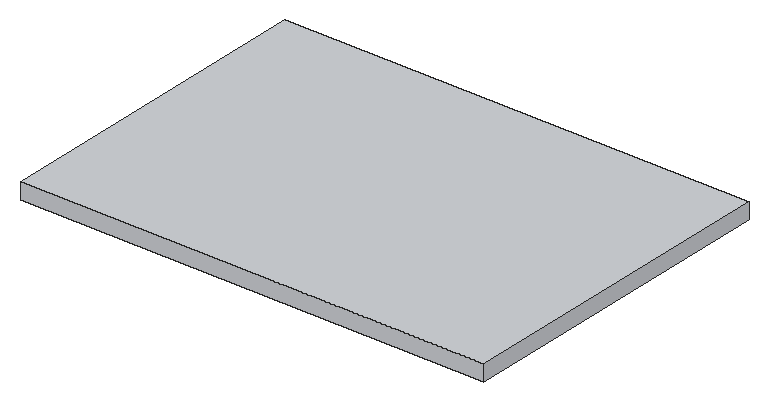
Revit family "570 no temporizado - muro", category Aparatos sanitarios, Revit 2016
Family settings
  Anfitrión = Cara
  Tipo de pieza = Normal
  Cota de conector redondo = Diámetro de uso
  Número OmniClass = 23.45.05.14.14
  Título OmniClass = Sinks/Lavatories
  Corte con vacíos al cargar = No
  Compartido = No
  Punto de cálculo de habitación = No
Parameters
  WFU = 0
  URL = "http://www.prestoiberica.com"
  Sistema = "AFS / ACS"
  Referencia = "23975"
  Peso = 0.852 kg
  Notas de suministro = "Suministrado con latiguillos flexibles de ½”, válvulas antirretorno y juntas filtro."
  Modelo = "PRESTO 570 (no temporizado)"
  Material = Latón, cromado
  HWFU = 1
  Fabricante = "PRESTO IBÉRICA"
  Email = "info@prestoiberica.com"
  Teléfono = "+34 915 782 575"
  Default Elevation = 48"
  Diámetro entrada = 1/2"
  Descripción = "Cuerpo en latón cromado, piezas interiores en materiales resistentes a la corrosión e incrustaciones calcáreas."
  Código de montaje = "D2020"
  Comentarios de tipo = "Cabeza intercambiable que comprende todo el mecanismo del grifo. Control de temperatura de salida, a mayor presión del pedal mayor temperatura."
  Cierre = "Manual"
  Caudal = 10.0 L/min
  CWFU = 1
  Accionamiento = "Por pedal"
Reference planes (in)
  plane 1 "Centro (Frontal/Posterior)": y = 0
  plane 2: z = 0
  plane 3 "Centro (Izquierda/Derecha)": x = 0
Forms (in)
  Extrusion 1, solid
    sketch origin (0, 0, 0) x (1, 0, 0) y (0, 1, 0)
      loop
        line (-6.44299, 4.74141) -> (-6.44299, -4.80498) -> (6.97478, -4.80498) -> (6.97478, 4.74141) -> (-6.44299, 4.74141)
    from 0 to -0.46774
Dimensions and locks (in)
  aligned and locked: plane 2 to Extrusion 1
  aligned and locked: level to Extrusion 1
Connectors (in)
  piping at (0.86614, 0, 0.41339), diameter 0.5, driven by "Caudal", driven by "Diámetro entrada"
    settings: on import instance, index 1, connector inside diameter 609.6 mm, connector length 0", flow factor 0, pipe flow 10.0 L/min, pressure drop 0.0 Pa, fitting loss kfactor 0, connector angle 0.00°, fixture units 0, engagement length 0", angle of deflection 0.00°, flow configuration 2, flow direction 1, fitting loss method 0, system type 20, joint type 0, gender type 0, connector reference index -1, connector utility 0, adjustable connector no, is connector primary yes, connector description ""
  piping at (-0.86614, 0, 0.41339), diameter 0.5, driven by "Diámetro entrada", driven by "Caudal"
    settings: on import instance, index 2, connector inside diameter 609.6 mm, connector length 0", flow factor 0, pipe flow 10.0 L/min, pressure drop 0.0 Pa, fitting loss kfactor 0, connector angle 0.00°, fixture units 0, engagement length 0", angle of deflection 0.00°, flow configuration 2, flow direction 1, fitting loss method 0, system type 19, joint type 0, gender type 0, connector reference index -1, connector utility 0, adjustable connector no, is connector primary no, connector description ""
  piping at (0, 1.50787, 0.66929), diameter 0.5, driven by "Diámetro entrada", driven by "Caudal"
    settings: on import instance, index 3, connector inside diameter 609.6 mm, connector length 0", flow factor 0, pipe flow 10.0 L/min, pressure drop 0.0 Pa, fitting loss kfactor 0, connector angle 0.00°, fixture units 0, engagement length 0", angle of deflection 0.00°, flow configuration 2, flow direction 2, fitting loss method 0, system type 22, joint type 0, gender type 0, connector reference index -1, connector utility 0, adjustable connector no, is connector primary no, connector description ""
